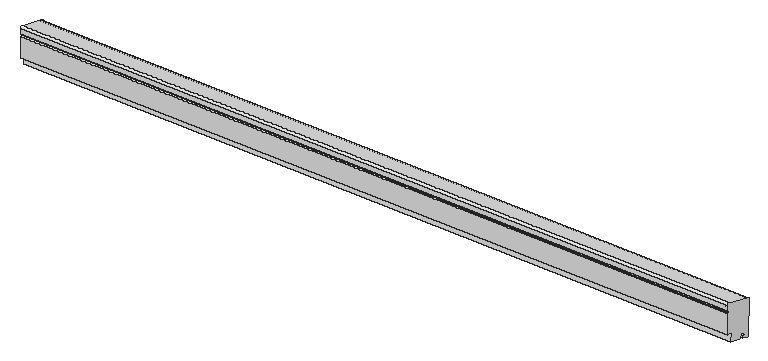
Revit family "13-MOULDING-CADS-149-PCBHEAVYSILLNOSE-4-REVIT_Versatex-Generic-Model-HEAVY-SILL-NOSE", category Generic Models, host Face, Revit 2026
Family settings
  Host = Face
  Can host rebar = No
  Round Connector Dimension = Use Diameter
  Part Type = Normal
  Cut with Voids When Loaded = No
  Maintain Annotation Orientation = No
  Shared = No
  Room Calculation Point = No
Parameters
  Model = "PCBHEAVYSILLNOSE"
  Length = 4' - 0"
  Warranty = "https://versatex.com/warranty/"
  URL = "https://versatex.com/"
  Specification = "https://www.arcat.com/company/versatex-45716/spec?coid=45716"
  Sales Information = "https://versatex.com/dealer-locator/"
  Message Manufacturer = "https://versatex.com/contact/"
  Material = Versatex PVC - Smooth
  Manufacturer Website = "https://versatex.com/"
  Manufacturer Phone = "724-857-1111"
  Manufacturer Fax = "724-857-1171"
  Manufacturer Address = "400 Steel Street, Aliquippa, PA 15001"
  Manufacturer = "Versatex"
  Literature = "https://versatex.com/literature/?_sft_literature_category=cads"
  Description = "HEAVY SILL NOSE"
  Default Elevation = 4' - 0"
  Copyright = "© 2024 VERSATEX Building Products, LLC"
Reference planes (in)
  plane 1 "Center (Front/Back)": y = 0
  plane 2: z = 0
  plane 3 "Center (Left/Right)": x = 0
  plane 4: x = 24
  plane 5: x = -24
Forms (in)
  Sweep 1, solid, material "Versatex PVC - Smooth" <- "Material"
    path origin (0, 0, 0) x (1, 0, 0) y (0, 1, 0)
      loop
        line (-24, 0) -> (24, 0)
    profile "Versatex_Profile_HEAVY SILL NOSE : Versatex_Profile_HEAVY SILL NOSE" origin (0, 0, 0) x (0, 1, 0) y (0, 0, 1)
      loop
        line (1.74293, 2.36864) -> (0.19168, 2.74428)
        arc (0.19168, 2.74428) -> (0.07243, 2.72131) -> (0, 2.62383) r 0.16761
        line (0, 2.62383) -> (0, 2.31383) -> (0.1, 2.29216) -> (0.1, 2.17883) -> (0, 2.15716) -> (0, 0.8655) -> (0.35167, 0.8655) -> (0.32247, 0.32959) -> (1.05416, 0.14102) -> (1.10855, 0.43241) -> (1.3606, 0.37617) -> (1.29493, 0.08644) -> (1.72378, 0.00007)
        arc (1.72378, 0.00007) -> (1.74092, 0.00411) -> (1.74875, 0.01988) r 0.02071
        line (1.74875, 0.01988) -> (1.77163, 2.33175)
        arc (1.77163, 2.33175) -> (1.76271, 2.35442) -> (1.74293, 2.36864) r 0.04317
Dimensions and locks (in)
  "Length": plane 5 to plane 4
  equal spacing: plane 5, plane 3 "Center (Left/Right)", plane 4, locked at 24 each
  aligned and locked: plane 2 to host face
  aligned and locked: level to host face
Automatic sketch dimensions
  host sketch curve to host sketch curve = 8' - 0"  (x2)
  plane 1 "Center (Front/Back)" to Sweep 1 sketch curve = 0' - 0"
  Sweep 1 sketch curve to plane 5 = 0' - 0"
  Sweep 1 sketch curve to plane 4 = 0' - 0"
